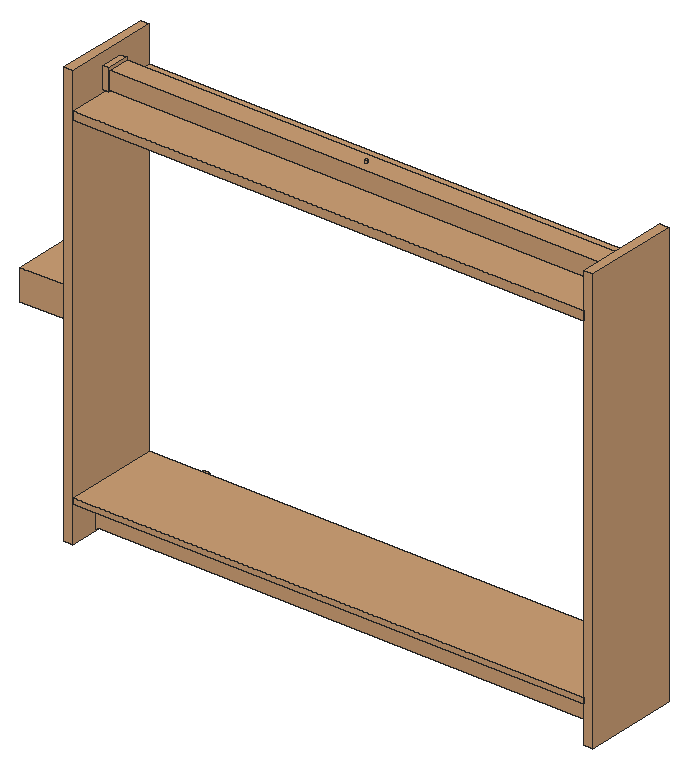
Revit family
Parameters
  Center of Unit = 0' - 0"  # constant formula
  Total Heating Capacity [instance] = 0.0 Btu/h
  Series = "VIFB"
  Outlet Area = 63.80 SF
  Lower Frame Thickness = if(Headers Height = 0' 3", 0' 1 1/4", if(Headers Height = 0' 3 1/4", 0' 1 1/4", 0' 0"))  # 0' - 1 1/4"
  Water Pressure Drop [instance] = 0.00 psi
  Water Flow [instance] = 0 GPM
  Unit Weight (lbs) = 1660
  URL = "http://www.ljwing.com/"
  Water Outlet Radius = 0' - 1 1/2"
  Headers Height = if(M = 0' 1", 0' 3", if(M = 0' 1 1/2", 0' 3 1/4", 0' 0"))  # 0' - 3 1/4"
  Number of Rows = 2  # constant formula
  Number of Coils [instance] = 0
  Nominal Length = 10' - 1 29/32"
  N = 1' - 0 3/4"
  Model = "VE-11W"
  Manufacturer = "LJ Wing"
  M = 0' - 1 1/2"
  Leaving Water Temperature [instance] = 0 °F
  Leaving Air Temperature [instance] = 0 °F
  Entering Water Temperature [instance] = 0 °F
  Entering Air Temperature [instance] = 0 °F
  Description = "Vertical Integral Face & Bypass Water Heating Coils"
  Hot Water Inlet  Radius = 0' - 1 1/2"
  Coil Face Area = Outlet Area * 0.56  # 35.728 SF
  Casing Material = ""
  Assembly Code = "D3020300"
  Air Vent Radius = 0' - 0 1/4"
  Air Pressure Drop [instance] = 0.00 in-wg
  Air Inlet Width = Nominal Length - 0' 4"  # 9' - 9 29/32"
  Air Inlet Height = Y  # 6' - 6"
  Air Flow [instance] = 0 CFM
  Y = 6' - 6"
  S = 0' - 9 3/4"  # constant formula
  Product URL = "http://www.ljwing.com/html/vifb.asp"
  OmniClass = "23-75 70 21 14 "
  Nominal Height = 8' - 2"
  Nominal Depth = 1' - 10"
  R = 0' - 10 1/4"  # constant formula
  Q = 0' - 3 61/64"
Reference planes (in)
  plane 1 "Center (Front/Back)": y = 0
  plane 2: z = -39
  plane 3 "Center (Left/Right)": x = 0
  plane 4: z = 49.25
  plane 5: x = -60.95312
  plane 6: x = 60.95313
  plane 7: z = -48.75
  plane 8: z = 0
  plane 9: y = -11
  plane 10: y = 11
  plane 11: z = 39
  plane 12: z = 41
  plane 13: z = -40.25
  plane 14: x = 58.95313
  plane 15: x = -58.95313
  plane 16: x = -57
  plane 17: x = 57
  plane 18: y = 14.0625
  plane 19: x = -71.95313
  plane 20: z = 46.125
  plane 21: z = 42.125
  plane 22: y = -2.5
  plane 23: y = 2.5
  plane 24: y = -4.5
  plane 25: z = -46.375
  plane 26: x = -48.20312
  plane 27: x = 48.20313
  plane 28: z = -42.375
Forms (in)
  Extrusion 1, solid, material "Painted Finish"
    sketch origin (0, 6, -9.75) x (1, 0, 0) y (0, 0, 1)
      loop
        line (-60.95312, -39) -> (-58.95313, -39) -> (-58.95313, 59) -> (-60.95312, 59) -> (-60.95312, -39)
      loop
        line (60.95313, -39) -> (60.95313, 59) -> (58.95313, 59) -> (58.95313, -39) -> (60.95313, -39)
    from -5 to 17
  Extrusion 2, solid, material "Painted Finish"
    sketch origin (0, 6, 0) x (1, 0, 0) y (0, 0, 1)
      loop
        line (58.95313, -39) -> (-58.95313, -39) -> (-58.95313, -40.25) -> (58.95313, -40.25) -> (58.95313, -39)
      loop
        line (58.95313, 39) -> (58.95313, 41) -> (-58.95313, 41) -> (-58.95313, 39) -> (58.95313, 39)
    from -5 to 17
  Extrusion 3, solid, material "Painted Finish"
    sketch origin (0, 10, -0.5) x (1, 0, 0) y (0, 0, 1)
      loop
        line (-60.95312, 4) -> (-71.95313, 4) -> (-71.95313, -3) -> (-60.95312, -3) -> (-60.95312, 4)
    from 0 to 20
  Extrusion 4, solid, material "Painted Finish"
    sketch origin (0, 6, 0) x (1, 0, 0) y (0, 0, 1)
      loop
        line (-57.32813, 46.125) -> (-57.32813, 42.125) -> (57.32813, 42.125) -> (57.32813, 46.125) -> (-57.32813, 46.125)
    from 3.5 to 8.5
  Extrusion 5, solid, material "Painted Finish"
    sketch origin (0, 0, 0) x (1, 0, 0) y (0, 0, 1)
      loop
        line (-57.32813, 41.625) -> (-57.32813, 46.625) -> (-58.95313, 46.625) -> (-58.95313, 41.625) -> (-57.32813, 41.625)
      loop
        line (58.95313, 41.625) -> (58.95313, 46.625) -> (57.32813, 46.625) -> (57.32813, 41.625) -> (58.95313, 41.625)
    from -2.5 to 2.5
  Extrusion 6, solid, material "Painted Finish"
    sketch origin (0, 6, 0) x (1, 0, 0) y (0, 0, 1)
      loop
        line (-58.45312, -40.75) -> (-58.45312, -40.5) -> (-58.95313, -40.5) -> (-58.95313, -44.25) -> (-58.45312, -44.25) -> (-58.45312, -44) -> (58.45313, -44) -> (58.45313, -44.25) -> (58.95313, -44.25) -> (58.95313, -40.5) -> (58.45313, -40.5) -> (58.45313, -40.75) -> (-58.45312, -40.75)
      loop
        line (58.45313, -48) -> (58.45313, -48.125) -> (58.95313, -48.125) -> (58.95313, -44.5) -> (58.45313, -44.5) -> (58.45313, -44.75) -> (-58.45312, -44.75) -> (-58.45312, -44.5) -> (-58.95313, -44.5) -> (-58.95313, -48.25) -> (-58.45313, -48.25) -> (-58.45313, -48) -> (58.45313, -48)
    from -5 to 10.5
  Extrusion 7, void
    sketch origin (0, 0, 0) x (1, 0, 0) y (0, 0, 1)
      loop
        line (-58.95313, 39) -> (-58.95313, -39) -> (58.95313, -39) -> (58.95313, 39) -> (-58.95313, 39)
    from -11 to 11
  Extrusion 8, solid, material "Painted Finish"
    sketch origin (0, 0, 0) x (1, 0, 0) y (0, 0, 1)
      loop
        circle (48.20313, -46.375) r 1.5
      loop
        circle (-48.20312, -42.375) r 1.5
    from -14.0625 to -11
  Extrusion 9, solid, material "Painted Finish"
    sketch origin (0, 0, 0) x (1, 0, 0) y (0, 1, 0)
      loop
        circle (0, 0) r 0.25
    from 46.125 to 46.625
Cuts and joins
  Extrusion 7 cuts Extrusion 1
  Extrusion 7 cuts Extrusion 2
Dimensions and locks (in)
  "Nominal Length": plane 6 to plane 5
  equal spacing: plane 6, plane 3 "Center (Left/Right)", plane 5
  "S": plane 2 to plane 7
  "Nominal Depth": plane 10 to plane 9
  equal spacing: plane 10, plane 1 "Center (Front/Back)", plane 9
  "Y": plane 11 to plane 2
  "R": plane 4 to plane 11
  locked: plane 12 to plane 11 at 2
  "Lower Frame Thickness": plane 2 to plane 13
  "Q": plane 16 to plane 5
  "Q": plane 6 to plane 17
  locked: plane 18 to plane 10 at 3.0625
  locked: plane 5 to plane 19 at 11
  locked: Extrusion 3 sketch curve to Extrusion 3 sketch curve at 7
  locked: Extrusion 3 to Extrusion 3 at 20
  locked: plane 6 to plane 14 at 2
  locked: plane 15 to plane 5 at 2
  locked: Extrusion 5 sketch curve to plane 20 at 0.5
  locked: plane 21 to Extrusion 5 sketch curve at 0.5
  locked: plane 20 to plane 21 at 4
  locked: plane 23 to plane 22 at 5
  equal spacing: plane 23, plane 1 "Center (Front/Back)", plane 22
  locked: plane 22 to plane 24 at 2
  plane 4 to plane 7 = 8' - 2"
  locked: Extrusion 5 sketch curve to Extrusion 1 at 1.625
  locked: Extrusion 5 sketch curve to Extrusion 5 sketch curve at 1.625
  locked: Extrusion 7 sketch curve to plane 11 at 0
  locked: Extrusion 7 sketch curve to plane 15 at 0
  locked: Extrusion 7 sketch curve to plane 14 at 0
  locked: plane 15 to Extrusion 6 sketch curve at 0.5
  locked: Extrusion 6 sketch curve to Extrusion 6 sketch curve at 0.25  (x2)
  locked: plane 25 to plane 7 at 2.375
  "N": plane 26 to plane 5
  "N": plane 6 to plane 27
  locked: plane 28 to plane 7 at 6.375
  "Headers Height": Extrusion 6 sketch curve to Extrusion 6 sketch curve  (x2)
  locked: Extrusion 8 sketch curve to plane 25 at 0
  locked: Extrusion 8 sketch curve to plane 28 at 0
  locked: Extrusion 9 sketch curve to plane 1 "Center (Front/Back)" at 0
  locked: Extrusion 9 sketch curve to plane 3 "Center (Left/Right)" at 0
  equal spacing: Extrusion 6 sketch curve, plane 28, Extrusion 6 sketch curve
  equal spacing: Extrusion 6 sketch curve, plane 25, Extrusion 6 sketch curve
  locked: plane 4 to plane 20 at 3.125
  locked: Extrusion 7 sketch curve to plane 2 at 0
  equal spacing: plane 11, plane 8, plane 2
  locked: Extrusion 8 sketch curve to plane 27 at 0
  locked: Extrusion 8 sketch curve to plane 26 at 0
  "M": radius of Extrusion 8 sketch curve  (x2)
  "Air Vent Radius": radius of Extrusion 9 sketch curve
  aligned and locked: Extrusion 1 to plane 9
  aligned and locked: Extrusion 1 to plane 10
  aligned and locked: Extrusion 1 to plane 15
  aligned and locked: Extrusion 1 to plane 14
  aligned and locked: Extrusion 2 to plane 9
  aligned and locked: plane 9 to Extrusion 1
  aligned and locked: plane 10 to Extrusion 1  (x2)
  aligned and locked: Extrusion 2 to plane 10
  aligned and locked: plane 10 to Extrusion 2  (x2)
  aligned and locked: plane 9 to Extrusion 2  (x2)
  aligned and locked: plane 5 to Extrusion 3
  aligned and locked: Extrusion 5 sketch curve to plane 15
  aligned and locked: Extrusion 5 sketch curve to Extrusion 4
  aligned and locked: Extrusion 1 to Extrusion 6
  aligned and locked: plane 22 to Extrusion 5
  aligned and locked: Extrusion 5 to Extrusion 4  (x2)
  aligned and locked: Extrusion 5 to plane 23
  aligned and locked: Extrusion 6 to plane 24
  aligned and locked: Extrusion 4 to Extrusion 5  (x2)
  aligned and locked: Extrusion 5 to Extrusion 1  (x2)
  aligned and locked: Extrusion 1 to Extrusion 7  (x2)
  aligned and locked: plane 18 to Extrusion 8
  aligned and locked: Extrusion 8 to plane 10
  aligned and locked: plane 20 to Extrusion 9
  aligned and locked: Extrusion 9 to Extrusion 5
  aligned and locked: plane 2 to cut or joined group of Extrusion 2, Extrusion 7
  aligned and locked: Extrusion 1 sketch curve to plane 6
  aligned and locked: Extrusion 1 sketch curve to plane 14
  aligned and locked: Extrusion 1 sketch curve to plane 15
  aligned and locked: Extrusion 1 sketch curve to plane 5
  aligned and locked: Extrusion 1 sketch curve to plane 4  (x2)
  aligned and locked: plane 7 to Extrusion 1 sketch curve
  aligned and locked: Extrusion 1 sketch curve to plane 7
  aligned and locked: Extrusion 2 sketch curve to plane 11
  aligned and locked: Extrusion 2 sketch curve to plane 12
  aligned and locked: plane 2 to Extrusion 2 sketch curve
  aligned and locked: Extrusion 2 sketch curve to plane 13
  aligned and locked: plane 14 to Extrusion 2 sketch curve
  aligned and locked: plane 15 to Extrusion 2 sketch curve
  aligned and locked: Extrusion 2 sketch curve to plane 15
  aligned and locked: Extrusion 2 sketch curve to plane 14
  aligned and locked: plane 20 to Extrusion 4 sketch curve
  aligned and locked: Extrusion 4 sketch curve to plane 21
  aligned and locked: plane 14 to Extrusion 6 sketch curve  (x2)
  aligned and locked: Extrusion 6 sketch curve to plane 15  (x2)
Automatic sketch dimensions
  Extrusion 3 sketch curve to plane 19 = 0' - 0"
  Extrusion 3 sketch curve to plane 5 = 0' - 0"
  plane 8 to Extrusion 3 sketch curve = 0' - 3 1/2"
  Extrusion 4 sketch curve to plane 16 = 0' - 0 21/64"
  plane 17 to Extrusion 4 sketch curve = 0' - 0 21/64"
  plane 21 to Extrusion 5 sketch curve = 0' - 0 1/2"
  Extrusion 5 sketch curve to plane 20 = 0' - 0 1/2"
  plane 15 to Extrusion 6 sketch curve = 0' - 0 1/2"  (x2)
  Extrusion 6 sketch curve to Extrusion 6 sketch curve = 0' - 0 1/4"  (x5)
  Extrusion 6 sketch curve to Extrusion 6 sketch curve = 0' - 0"  (x2)
  Extrusion 6 sketch curve to plane 14 = 0' - 0 1/2"  (x2)
  Extrusion 6 sketch curve to Extrusion 6 sketch curve = 0' - 0 1/2"
  Extrusion 6 sketch curve to plane 7 = 0' - 0 5/8"
Connectors (in)
  hvac at (0, -11, 0), driven by "Air Inlet Height", driven by "Air Inlet Width", driven by "Air Flow", driven by "Air Pressure Drop"
    settings: on Extrusion 7, index 1
  hvac at (0, 11, 0), driven by "Air Pressure Drop", driven by "Air Inlet Height", driven by "Air Inlet Width", driven by "Air Flow"
    settings: on Extrusion 7, index 2
  piping at (-48.20312, 14.0625, -42.375), driven by "M", driven by "Water Flow", driven by "Water Pressure Drop"
    settings: on Extrusion 8, index 4
  piping at (48.20313, 14.0625, -46.375), driven by "Water Pressure Drop", driven by "Water Flow", driven by "M"
    settings: on Extrusion 8, index 5
